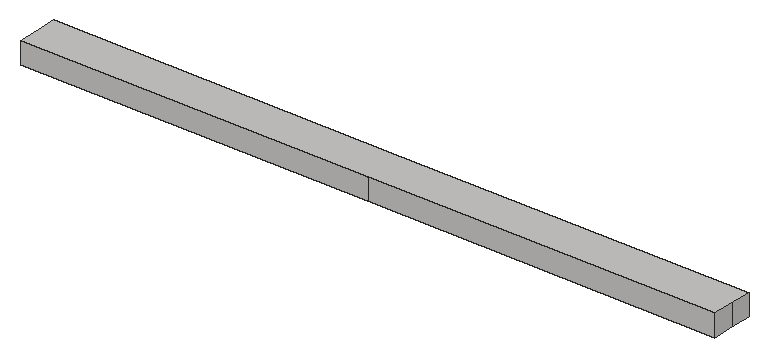
Revit family "Lighting_Wall-Mounted_Zero_Grid_Wall", category Lighting Fixtures, host Face, Revit 2020
Family settings
  Host = Face
  Round Connector Dimension = Use Diameter
  Part Type = Normal
  OmniClass Number = 23.80.70.00
  OmniClass Title = Lighting
  Cut with Voids When Loaded = No
  Light Source = Yes
  Shared = No
  Room Calculation Point = No
Parameters (values of type "Grid wall Expanded LED 1297LM/19W")
  Youtube clip = ""
  Weight Net (Kg) = "4.7"
  Wattage = 8.73154 W
  WarrantyStartDate [instance] = "n/a"
  WarrantyGuarantorParts = "n/a"
  WarrantyGuarantorLabor = "n/a"
  WarrantyDurationUnit = "Year"
  WarrantyDurationParts = "n/a"
  WarrantyDurationLabor = "n/a"
  WarrantyDescription = "n/a"
  built-in parameter 1150110 = 1 (stored number, unit not read)
  VersionDate = "31/08/2023"  # constant formula
  Version = "3"  # constant formula
  UsageCurrent = 0 A
  Uniformat II Description = ""
  Uniformat II Code = ""
  Uniclass2015Reference = "Pr_70_70_48_85"
  Uniclass2015Description = "Surface luminaires"
  Uniclass2 = "Pr_70_70_49"
  Uniclass 2015 Name = ""
  Uniclass 2015 Code = ""
  Uniclass 2.0 Description = ""
  Uniclass 2.0 Code = ""
  Uniclass 1.4 Description = ""
  Uniclass 1.4 Code = ""
  URL = "https://www.zerolighting.com/grid-inomva"
  UNSPSC Code = ""
  TotalWattage = 19 W
  built-in parameter 1114217 = 1 (stored number, unit not read)
  Tilt Angle = 90.00°
  built-in parameter 1150109 = 1 (stored number, unit not read)
  built-in parameter 1150134 = (empty or 0)
  Technical description = ""
  TagNumber [instance] = "n/a"
  SustainabilityPerformance = "n/a"
  built-in parameter 1150113 = 1 (stored number, unit not read)
  Size = "1250x96x96 mm"
  Shape = "Rectangular"
  SerialNumber [instance] = "n/a"
  Revision = "5"  # constant formula
  ReplacementCost = "n/a"
  Region South America = "None"
  Region Oceania = "AU, NZ"
  Region North America = "BZ, CR, GT, HN, MX, NI, PA, SV, US"
  Region Middle East = "AE"
  Region Europe = "AD, AL, AT, AX, BA, BE, BG, BY, CH, CY, CZ, DE, DK, EE, ES, FI, FO, FR, GB, GG, GI, GR, HR, HU, IE, IM, IS, IT, JE, LI, LT, LU, LV, MC, MD, ME, MK, MT, NL, NO, PL, PT, RO, RS, RU, SE, SI, SJ, SK, SM, UA, VA"
  Region Asia = "HK, JP, SG"
  Region Antarctica = "None"
  Region Africa = "None"
  ProductInformation = "The Grid series is decorated with industry standard sheet metal with different hole formations. Three patterns, two different perforations in the standard colours clear lacquered metal and transparent gold"
  Product group = "Wall fixtures"
  Product family = "Grid"
  Product certification = ""
  Product SKU = "Grid_wall_mounted"
  Product Guid = "0fa07e7a-ee08-4aa3-a93a-63cf3db2fe68"
  Photometric Web File = "Grid8144.IES"
  PhaseReference = "n/a"
  PhaseAngle = 0.00°
  OmniClass Description = ""
  OmniClass Code = ""
  NumberOfSources = 0
  NumberOfPoles = 1
  Note = "Code varies with colour: -XX = -14 Yellow, -41 Orange, -76 Metal, -77 Gold"
  NominalVoltageCalc = 0 V
  NominalVoltage = 230 V
  NominalLength = 1250 mm
  NominalFrequencyRange = 50 Hz
  NominalCurrent = 0 A
  Nominal width = 1250 mm
  Nominal height = 96 mm
  Name = "Zero_Grid_Wall"  # constant formula
  NBSReference = "90-60-50/405"
  NBSDescription = "General purpose luminaires"
  NBS Reference Description = ""
  NBS Reference Code = ""
  ModelType = grid-ceiling-fencing : grid-ceiling-fencing
  Model = "Grid wall Expanded metal LED 1297LM/19W"
  Material secondary = ""
  Material main = "Steel"
  Masterformat 2014 Description = ""
  Masterformat 2014 Code = ""
  Manufacturer name = "ZERO"
  Manufacturer country = "Sweden"
  Manufacturer = "Zero"
  ModelReference = "n/a"
  ModelNumber = "8144-1-XX"
  Material = "Metal"
  ManufacturersSpecificInformation = "n/a"
  ManufacturerURL = "https://www.zerolighting.com/"
  ManufacturerName = "Zero"
  MaintenanceFactor = 0
  built-in parameter 1150105 = 97.804 (stored number, unit not read)
  Lumens = 1297 lm
  built-in parameter 1150115 = 1 (stored number, unit not read)
  LightFixturePlacingType = "Wall"
  LightFixtureMountingType = "Surface"
  LightFixtureMainMaterial [instance] = Metal
  built-in parameter 1150137 = (empty or 0)
  built-in parameter 1150139 = (empty or 0)
  LensMaterial = Glass
  built-in parameter 1150112 = 1 (stored number, unit not read)
  built-in parameter 1150114 = 1 (stored number, unit not read)
  InsulationStandardClass = "n/a"
  InstallationDate [instance] = "n/a"
  Installation instructions = ""
  built-in parameter 1150132 = 2
  built-in parameter 1150102 = (empty or 0)
  built-in parameter 1150107 = 3000 (stored number, unit not read)
  built-in parameter 1150138 = (empty or 0)
  built-in parameter 1150106 = 0.97804 (stored number, unit not read)
  IfcExportType = "NOTDEFINED"  # constant formula
  IfcExportAs = "IfcLightFixtureType"  # constant formula
  IP_Code = "IP20"
  IFC Classification = ""
  HasProtectiveEarth = yes
  Grade = "n/a"
  GTIN code = ""
  Finish = "Raw finish, welding visible through transparent varnish"
  Features = "Terminal block 3x4mm2"
  ExpectedLife = "n/a"
  Emit from Rectangle Width = 96 mm
  Emit from Rectangle Length = NominalLength  # 1250 mm
  Emit Shape Visible in Rendering = no
  ElectricalDeviceNominalPower = 0
  built-in parameter 1150104 = 13.8 (stored number, unit not read)
  Edition number = 1
  EANNumber = "n/a"
  DurationUnit = "Year"
  Dimming Lamp Color Temperature Shift = <None>
  Dimming = "None"
  Designer = "Front Design 2012"
  Design country = "Sweden"
  Description = "The Grid series is decorated with industry standard sheet metal with different hole formations. Three patterns, two different perforations in the standard colours clear lacquered metal and transparent gold"
  Default Elevation = 0 mm
  Date of publishing = ""
  Constituents = "n/a"
  Color Filter = 16777215
  Color = "-XX = -14 Yellow, -41 Orange, -76 Metal, -77 Gold"
  Collection = "Grid"
  CodePerformance = "n/a"
  Category = "Wall"
  COBIe Type Category = ""
  Brand url = "http://www.zero.se"
  Brand = "Zero"
  Barcode [instance] = "n/a"
  built-in parameter 1114218 = 1 (stored number, unit not read)
  BIMObjectName = "Lighting_Wall-Mounted_Zero_Grid_Wall"  # constant formula
  Author = "BIMstone"  # constant formula
  built-in parameter 1150133 = 10 (stored number, unit not read)
  AssetType = "Fixed"
  AssetIdentifier [instance] = "n/a"
  ArticleNumber = "8144-1-XX"
  AccessibilityPerformance = "n/a"
Reference planes
  plane 1 "Center (Front/Back)": y = 0
  plane 2: z = 0
  plane 3 "Center (Left/Right)": x = 0
  plane 4: y = 48
  plane 5: y = -48
  plane 6: x = -625
  plane 7: x = 625
  plane 8: z = 96
Forms (mm)
  Extrusion 1, solid, material "Metal" <- "LightFixtureMainMaterial", detail levels coarse
    sketch origin (0, 0, 0) x (0, 1, 0) y (0, 0, 1)
      loop
        line (48, 96) -> (-48, 96) -> (-48, 0) -> (48, 0) -> (48, 96)
    from -625 to 625
  Extrusion 2, solid, material "Metal" <- "LightFixtureMainMaterial", detail levels coarse
    sketch origin (0, 0, 0) x (0, 1, 0) y (0, 0, 1)
      loop
        line (48, 96) -> (-48, 96) -> (-48, 0) -> (48, 0) -> (48, 96)
    from -625 to 625
Lines and regions (mm)
  symbolic lines, detail levels coarse
    curve 1: line (0, 48, 96) -> (0, -48, 96)
    curve 2: line (0, 48, 0) -> (0, 48, 96)
    curve 3: line (0, -48, 0) -> (0, 48, 0)
    curve 4: line (0, -48, 96) -> (0, -48, 0)
    curve 5: line (-625, 0, 96) -> (625, 0, 96)
    curve 6: line (-625, 0, 0) -> (-625, 0, 96)
    curve 7: line (625, 0, 0) -> (-625, 0, 0)
    curve 8: line (625, 0, 96) -> (625, 0, 0)
    curve 9: line (-625, 48, 0) -> (625, 48, 0)
    curve 10: line (-625, -48, 0) -> (-625, 48, 0)
    curve 11: line (625, -48, 0) -> (-625, -48, 0)
    curve 12: line (625, 48, 0) -> (625, -48, 0)
Dimensions and locks
  equal spacing: plane 4, plane 1 "Center (Front/Back)", plane 5
  plane 4 to plane 5 = 96 mm
  equal spacing: plane 6, plane 3 "Center (Left/Right)", plane 7
  "NominalLength": plane 6 to plane 7
  plane 8 to host face = 96 mm
  aligned and locked: plane 2 to host face
  aligned and locked: level to host face
  aligned and locked: plane 8 to Extrusion 1 sketch curve
  aligned and locked: Extrusion 1 sketch curve to level
  aligned and locked: Extrusion 1 to plane 6
  aligned and locked: plane 7 to Extrusion 1
  aligned and locked: plane 4 to Extrusion 1
  aligned and locked: Extrusion 1 to plane 5
  aligned and locked: Extrusion 1 to host face
  aligned and locked: curve 1 to Extrusion 1
  aligned and locked: curve 2 to Extrusion 1
  aligned and locked: curve 3 to Extrusion 1
  aligned and locked: curve 4 to Extrusion 1
  aligned and locked: curve 5 to Extrusion 1
  aligned and locked: curve 6 to Extrusion 1
  aligned and locked: curve 7 to Extrusion 1
  aligned and locked: curve 8 to Extrusion 1
  aligned and locked: curve 9 to Extrusion 1
  aligned and locked: curve 10 to Extrusion 1
  aligned and locked: curve 11 to Extrusion 1
  aligned and locked: curve 12 to Extrusion 1
  aligned and locked: Extrusion 2 sketch curve to Extrusion 1  (x4)
  aligned and locked: Extrusion 2 to plane 6
  aligned and locked: plane 7 to Extrusion 2
Automatic sketch dimensions
  host sketch curve to host sketch curve = 2438.4 mm  (x2)
  plane 5 to Extrusion 1 sketch curve = 0 mm
  Extrusion 1 sketch curve to plane 4 = 0 mm
Nested families
  nested 1: "grid-ceiling-fencing" at (0, 0.253, 0), Material1 <- "LightFixtureMainMaterial", Material2 <- "LightFixtureMainMaterial", type <- "ModelType", type "grid-ceiling-fencing"
    with Material2 Metal, Material1 Metal
Connectors
  electrical at (0, 0, 0), driven by "NominalVoltage"
    settings: on Extrusion 1, index 1, voltage 230 V, apparent load 0 VA, apparent load phase1 0 VA, apparent load phase2 0 VA, apparent load phase3 0 VA, power factor 1, load classification "Other", number of poles 1, system type 31, power factor state 1, is connector primary yes, connector utility no, sub classification motor no, connector description ""
Definition of nested family "grid-ceiling-fencing"
  Parameters (values of type "grid-ceiling-fencing")
    Material2 [instance] = none
    Material1 [instance] = none
    Default Elevation = 0 mm
  Reference planes
    plane 1 "Center (Front/Back)": y = 0
    plane 2: z = 0
    plane 3 "Center (Left/Right)": x = 0
  Forms (mm)
    Extrusion 1, solid, material <- "Material2", detail levels medium+fine
      sketch origin (0, 0, -63.465) x (1, 0, 0) y (0, 1, 0)
        loop
          line (-557.205, 33.529) -> (-557.205, 0) -> (-557.205, -33.529) -> (0, -33.529) -> (557.205, -33.529) -> (557.205, 0) -> (557.205, 33.529) -> (0, 33.529) -> (-557.205, 33.529)
      from 63.465 to 98.5
  Lines and regions (mm)
    model lines, detail levels medium+fine
      curve 1: line (625, 47.747, 0) -> (-625.035, 47.747, 0)
      curve 2: line (-625.035, 46.899, 0) -> (-625.035, 47.747, 0)
      curve 3: line (-625.035, -48.253, 0) -> (625, -48.253, 0)
      curve 4: line (625, -48.253, 0) -> (625, 47.747, 0)
      curve 5: line (-624.479, 47.747, 0) -> (-576.461, -48.253, 0)
      curve 6: line (-625.035, 24.867, 0) -> (-588.461, -48.253, 0)
      curve 7: line (-625.035, 0.876, 0) -> (-600.461, -48.253, 0)
      curve 8: line (-625.035, -23.115, 0) -> (-612.461, -48.253, 0)
      curve 9: line (-612.479, 47.747, 0) -> (-564.461, -48.253, 0)
      curve 10: line (-600.479, 47.747, 0) -> (-552.461, -48.253, 0)
      curve 11: line (-588.479, 47.747, 0) -> (-540.461, -48.253, 0)
      curve 12: line (-576.479, 47.747, 0) -> (-528.461, -48.253, 0)
      curve 13: line (-564.479, 47.747, 0) -> (-516.461, -48.253, 0)
      curve 14: line (-552.479, 47.747, 0) -> (-504.461, -48.253, 0)
      curve 15: line (-540.479, 47.747, 0) -> (-492.461, -48.253, 0)
      curve 16: line (-528.479, 47.747, 0) -> (-480.461, -48.253, 0)
      curve 17: line (-516.479, 47.747, 0) -> (-468.461, -48.253, 0)
      curve 18: line (-504.479, 47.747, 0) -> (-456.461, -48.253, 0)
      curve 19: line (-492.479, 47.747, 0) -> (-444.461, -48.253, 0)
      curve 20: line (-480.479, 47.747, 0) -> (-432.461, -48.253, 0)
      curve 21: line (-468.479, 47.747, 0) -> (-420.461, -48.253, 0)
      curve 22: line (-456.479, 47.747, 0) -> (-408.461, -48.253, 0)
      curve 23: line (-444.479, 47.747, 0) -> (-396.461, -48.253, 0)
      curve 24: line (-432.479, 47.747, 0) -> (-384.461, -48.253, 0)
      curve 25: line (-420.479, 47.747, 0) -> (-372.461, -48.253, 0)
      curve 26: line (-408.479, 47.747, 0) -> (-360.461, -48.253, 0)
      curve 27: line (-396.479, 47.747, 0) -> (-348.461, -48.253, 0)
      curve 28: line (-384.479, 47.747, 0) -> (-336.461, -48.253, 0)
      curve 29: line (-372.479, 47.747, 0) -> (-324.461, -48.253, 0)
      curve 30: line (-360.479, 47.747, 0) -> (-312.461, -48.253, 0)
      curve 31: line (-348.479, 47.747, 0) -> (-300.461, -48.253, 0)
      curve 32: line (-336.479, 47.747, 0) -> (-288.461, -48.253, 0)
      curve 33: line (-324.479, 47.747, 0) -> (-276.461, -48.253, 0)
      curve 34: line (-312.479, 47.747, 0) -> (-264.461, -48.253, 0)
      curve 35: line (-300.479, 47.747, 0) -> (-252.461, -48.253, 0)
      curve 36: line (-288.479, 47.747, 0) -> (-240.461, -48.253, 0)
      curve 37: line (-276.479, 47.747, 0) -> (-228.461, -48.253, 0)
      curve 38: line (-264.479, 47.747, 0) -> (-216.461, -48.253, 0)
      curve 39: line (-252.479, 47.747, 0) -> (-204.461, -48.253, 0)
      curve 40: line (-240.479, 47.747, 0) -> (-192.461, -48.253, 0)
      curve 41: line (-228.479, 47.747, 0) -> (-180.461, -48.253, 0)
      curve 42: line (-216.479, 47.747, 0) -> (-168.461, -48.253, 0)
      curve 43: line (-204.479, 47.747, 0) -> (-156.461, -48.253, 0)
      curve 44: line (-192.479, 47.747, 0) -> (-144.461, -48.253, 0)
      curve 45: line (-180.479, 47.747, 0) -> (-132.461, -48.253, 0)
      curve 46: line (-168.479, 47.747, 0) -> (-120.461, -48.253, 0)
      curve 47: line (-156.479, 47.747, 0) -> (-108.461, -48.253, 0)
      curve 48: line (-144.479, 47.747, 0) -> (-96.461, -48.253, 0)
      curve 49: line (-132.479, 47.747, 0) -> (-84.461, -48.253, 0)
      curve 50: line (-120.479, 47.747, 0) -> (-72.461, -48.253, 0)
      curve 51: line (-108.479, 47.747, 0) -> (-60.461, -48.253, 0)
      curve 52: line (-96.479, 47.747, 0) -> (-48.461, -48.253, 0)
      curve 53: line (-84.479, 47.747, 0) -> (-36.461, -48.253, 0)
      curve 54: line (-72.479, 47.747, 0) -> (-24.461, -48.253, 0)
      curve 55: line (-60.479, 47.747, 0) -> (-12.461, -48.253, 0)
      curve 56: line (-48.479, 47.747, 0) -> (-0.461, -48.253, 0)
      curve 57: line (-36.479, 47.747, 0) -> (11.539, -48.253, 0)
      curve 58: line (-24.479, 47.747, 0) -> (23.539, -48.253, 0)
      curve 59: line (-12.479, 47.747, 0) -> (35.539, -48.253, 0)
      curve 60: line (-0.479, 47.747, 0) -> (47.539, -48.253, 0)
      curve 61: line (11.521, 47.747, 0) -> (59.539, -48.253, 0)
      curve 62: line (23.521, 47.747, 0) -> (71.539, -48.253, 0)
      curve 63: line (35.521, 47.747, 0) -> (83.539, -48.253, 0)
      curve 64: line (47.521, 47.747, 0) -> (95.539, -48.253, 0)
      curve 65: line (59.521, 47.747, 0) -> (107.539, -48.253, 0)
      curve 66: line (71.521, 47.747, 0) -> (119.539, -48.253, 0)
      curve 67: line (83.521, 47.747, 0) -> (131.539, -48.253, 0)
      curve 68: line (95.521, 47.747, 0) -> (143.539, -48.253, 0)
      curve 69: line (107.521, 47.747, 0) -> (155.539, -48.253, 0)
      curve 70: line (119.521, 47.747, 0) -> (167.539, -48.253, 0)
      curve 71: line (131.521, 47.747, 0) -> (179.539, -48.253, 0)
      curve 72: line (143.521, 47.747, 0) -> (191.539, -48.253, 0)
      curve 73: line (155.521, 47.747, 0) -> (203.539, -48.253, 0)
      curve 74: line (167.521, 47.747, 0) -> (215.539, -48.253, 0)
      curve 75: line (179.521, 47.747, 0) -> (227.539, -48.253, 0)
      curve 76: line (191.521, 47.747, 0) -> (239.539, -48.253, 0)
      curve 77: line (203.521, 47.747, 0) -> (251.539, -48.253, 0)
      curve 78: line (215.521, 47.747, 0) -> (263.539, -48.253, 0)
      curve 79: line (227.521, 47.747, 0) -> (275.539, -48.253, 0)
      curve 80: line (239.521, 47.747, 0) -> (287.539, -48.253, 0)
      curve 81: line (251.521, 47.747, 0) -> (299.539, -48.253, 0)
      curve 82: line (263.521, 47.747, 0) -> (311.539, -48.253, 0)
      curve 83: line (275.521, 47.747, 0) -> (323.539, -48.253, 0)
      curve 84: line (287.521, 47.747, 0) -> (335.539, -48.253, 0)
      curve 85: line (299.521, 47.747, 0) -> (347.539, -48.253, 0)
      curve 86: line (311.521, 47.747, 0) -> (359.539, -48.253, 0)
      curve 87: line (323.521, 47.747, 0) -> (371.539, -48.253, 0)
      curve 88: line (335.521, 47.747, 0) -> (383.539, -48.253, 0)
      curve 89: line (347.521, 47.747, 0) -> (395.539, -48.253, 0)
      curve 90: line (359.521, 47.747, 0) -> (407.539, -48.253, 0)
      curve 91: line (371.521, 47.747, 0) -> (419.539, -48.253, 0)
      curve 92: line (383.521, 47.747, 0) -> (431.539, -48.253, 0)
      curve 93: line (395.521, 47.747, 0) -> (443.539, -48.253, 0)
      curve 94: line (407.521, 47.747, 0) -> (455.539, -48.253, 0)
      curve 95: line (419.521, 47.747, 0) -> (467.539, -48.253, 0)
      curve 96: line (431.521, 47.747, 0) -> (479.539, -48.253, 0)
      curve 97: line (443.521, 47.747, 0) -> (491.539, -48.253, 0)
      curve 98: line (455.521, 47.747, 0) -> (503.539, -48.253, 0)
      curve 99: line (467.521, 47.747, 0) -> (515.539, -48.253, 0)
      curve 100: line (479.521, 47.747, 0) -> (527.539, -48.253, 0)
      curve 101: line (491.521, 47.747, 0) -> (539.539, -48.253, 0)
      curve 102: line (503.521, 47.747, 0) -> (551.539, -48.253, 0)
      curve 103: line (515.521, 47.747, 0) -> (563.539, -48.253, 0)
      curve 104: line (527.521, 47.747, 0) -> (575.539, -48.253, 0)
      curve 105: line (539.521, 47.747, 0) -> (587.539, -48.253, 0)
      curve 106: line (551.521, 47.747, 0) -> (599.539, -48.253, 0)
      curve 107: line (563.521, 47.747, 0) -> (611.539, -48.253, 0)
      curve 108: line (575.521, 47.747, 0) -> (623.539, -48.253, 0)
      curve 109: line (587.521, 47.747, 0) -> (625, -27.183, 0)
      curve 110: line (599.521, 47.747, 0) -> (625, -3.192, 0)
      curve 111: line (611.521, 47.747, 0) -> (625, 20.799, 0)
      curve 112: line (623.521, 47.747, 0) -> (625, 44.79, 0)
      curve 113: line (-625.035, 47.747, 0) -> (625, 47.747, 0)
      curve 114: line (625, -48.253, 0) -> (-625.035, -48.253, 0)
      curve 115: line (624.479, 47.747, 0) -> (576.461, -48.253, 0)
      curve 116: line (625, 24.797, 0) -> (588.461, -48.253, 0)
      curve 117: line (625, 0.806, 0) -> (600.461, -48.253, 0)
      curve 118: line (625, -23.185, 0) -> (612.461, -48.253, 0)
      curve 119: line (612.479, 47.747, 0) -> (564.461, -48.253, 0)
      curve 120: line (600.479, 47.747, 0) -> (552.461, -48.253, 0)
      curve 121: line (588.479, 47.747, 0) -> (540.461, -48.253, 0)
      curve 122: line (576.479, 47.747, 0) -> (528.461, -48.253, 0)
      curve 123: line (564.479, 47.747, 0) -> (516.461, -48.253, 0)
      curve 124: line (552.479, 47.747, 0) -> (504.461, -48.253, 0)
      curve 125: line (540.479, 47.747, 0) -> (492.461, -48.253, 0)
      curve 126: line (528.479, 47.747, 0) -> (480.461, -48.253, 0)
      curve 127: line (516.479, 47.747, 0) -> (468.461, -48.253, 0)
      curve 128: line (504.479, 47.747, 0) -> (456.461, -48.253, 0)
      curve 129: line (492.479, 47.747, 0) -> (444.461, -48.253, 0)
      curve 130: line (480.479, 47.747, 0) -> (432.461, -48.253, 0)
      curve 131: line (468.479, 47.747, 0) -> (420.461, -48.253, 0)
      curve 132: line (456.479, 47.747, 0) -> (408.461, -48.253, 0)
      curve 133: line (444.479, 47.747, 0) -> (396.461, -48.253, 0)
      curve 134: line (432.479, 47.747, 0) -> (384.461, -48.253, 0)
      curve 135: line (420.479, 47.747, 0) -> (372.461, -48.253, 0)
      curve 136: line (408.479, 47.747, 0) -> (360.461, -48.253, 0)
      curve 137: line (396.479, 47.747, 0) -> (348.461, -48.253, 0)
      curve 138: line (384.479, 47.747, 0) -> (336.461, -48.253, 0)
      curve 139: line (372.479, 47.747, 0) -> (324.461, -48.253, 0)
      curve 140: line (360.479, 47.747, 0) -> (312.461, -48.253, 0)
      curve 141: line (348.479, 47.747, 0) -> (300.461, -48.253, 0)
      curve 142: line (336.479, 47.747, 0) -> (288.461, -48.253, 0)
      curve 143: line (324.479, 47.747, 0) -> (276.461, -48.253, 0)
      curve 144: line (312.479, 47.747, 0) -> (264.461, -48.253, 0)
      curve 145: line (300.479, 47.747, 0) -> (252.461, -48.253, 0)
      curve 146: line (288.479, 47.747, 0) -> (240.461, -48.253, 0)
      curve 147: line (276.479, 47.747, 0) -> (228.461, -48.253, 0)
      curve 148: line (264.479, 47.747, 0) -> (216.461, -48.253, 0)
      curve 149: line (252.479, 47.747, 0) -> (204.461, -48.253, 0)
      curve 150: line (240.479, 47.747, 0) -> (192.461, -48.253, 0)
      curve 151: line (228.479, 47.747, 0) -> (180.461, -48.253, 0)
      curve 152: line (216.479, 47.747, 0) -> (168.461, -48.253, 0)
      curve 153: line (204.479, 47.747, 0) -> (156.461, -48.253, 0)
      curve 154: line (192.479, 47.747, 0) -> (144.461, -48.253, 0)
      curve 155: line (180.479, 47.747, 0) -> (132.461, -48.253, 0)
      curve 156: line (168.479, 47.747, 0) -> (120.461, -48.253, 0)
      curve 157: line (156.479, 47.747, 0) -> (108.461, -48.253, 0)
      curve 158: line (144.479, 47.747, 0) -> (96.461, -48.253, 0)
      curve 159: line (132.479, 47.747, 0) -> (84.461, -48.253, 0)
      curve 160: line (120.479, 47.747, 0) -> (72.461, -48.253, 0)
      curve 161: line (108.479, 47.747, 0) -> (60.461, -48.253, 0)
      curve 162: line (96.479, 47.747, 0) -> (48.461, -48.253, 0)
      curve 163: line (84.479, 47.747, 0) -> (36.461, -48.253, 0)
      curve 164: line (72.479, 47.747, 0) -> (24.461, -48.253, 0)
      curve 165: line (60.479, 47.747, 0) -> (12.461, -48.253, 0)
      curve 166: line (48.479, 47.747, 0) -> (0.461, -48.253, 0)
      curve 167: line (36.479, 47.747, 0) -> (-11.539, -48.253, 0)
      curve 168: line (24.479, 47.747, 0) -> (-23.539, -48.253, 0)
      curve 169: line (12.479, 47.747, 0) -> (-35.539, -48.253, 0)
      curve 170: line (0.479, 47.747, 0) -> (-47.539, -48.253, 0)
      curve 171: line (-11.521, 47.747, 0) -> (-59.539, -48.253, 0)
      curve 172: line (-23.521, 47.747, 0) -> (-71.539, -48.253, 0)
      curve 173: line (-35.521, 47.747, 0) -> (-83.539, -48.253, 0)
      curve 174: line (-47.521, 47.747, 0) -> (-95.539, -48.253, 0)
      curve 175: line (-59.521, 47.747, 0) -> (-107.539, -48.253, 0)
      curve 176: line (-71.521, 47.747, 0) -> (-119.539, -48.253, 0)
      curve 177: line (-83.521, 47.747, 0) -> (-131.539, -48.253, 0)
      curve 178: line (-95.521, 47.747, 0) -> (-143.539, -48.253, 0)
      curve 179: line (-107.521, 47.747, 0) -> (-155.539, -48.253, 0)
      curve 180: line (-119.521, 47.747, 0) -> (-167.539, -48.253, 0)
      curve 181: line (-131.521, 47.747, 0) -> (-179.539, -48.253, 0)
      curve 182: line (-143.521, 47.747, 0) -> (-191.539, -48.253, 0)
      curve 183: line (-155.521, 47.747, 0) -> (-203.539, -48.253, 0)
      curve 184: line (-167.521, 47.747, 0) -> (-215.539, -48.253, 0)
      curve 185: line (-179.521, 47.747, 0) -> (-227.539, -48.253, 0)
      curve 186: line (-191.521, 47.747, 0) -> (-239.539, -48.253, 0)
      curve 187: line (-203.521, 47.747, 0) -> (-251.539, -48.253, 0)
      curve 188: line (-215.521, 47.747, 0) -> (-263.539, -48.253, 0)
      curve 189: line (-227.521, 47.747, 0) -> (-275.539, -48.253, 0)
      curve 190: line (-239.521, 47.747, 0) -> (-287.539, -48.253, 0)
      curve 191: line (-251.521, 47.747, 0) -> (-299.539, -48.253, 0)
      curve 192: line (-263.521, 47.747, 0) -> (-311.539, -48.253, 0)
      curve 193: line (-275.521, 47.747, 0) -> (-323.539, -48.253, 0)
      curve 194: line (-287.521, 47.747, 0) -> (-335.539, -48.253, 0)
      curve 195: line (-299.521, 47.747, 0) -> (-347.539, -48.253, 0)
      curve 196: line (-311.521, 47.747, 0) -> (-359.539, -48.253, 0)
      curve 197: line (-323.521, 47.747, 0) -> (-371.539, -48.253, 0)
      curve 198: line (-335.521, 47.747, 0) -> (-383.539, -48.253, 0)
      curve 199: line (-347.521, 47.747, 0) -> (-395.539, -48.253, 0)
      curve 200: line (-359.521, 47.747, 0) -> (-407.539, -48.253, 0)
      curve 201: line (-371.521, 47.747, 0) -> (-419.539, -48.253, 0)
      curve 202: line (-383.521, 47.747, 0) -> (-431.539, -48.253, 0)
      curve 203: line (-395.521, 47.747, 0) -> (-443.539, -48.253, 0)
      curve 204: line (-407.521, 47.747, 0) -> (-455.539, -48.253, 0)
      curve 205: line (-419.521, 47.747, 0) -> (-467.539, -48.253, 0)
      curve 206: line (-431.521, 47.747, 0) -> (-479.539, -48.253, 0)
      curve 207: line (-443.521, 47.747, 0) -> (-491.539, -48.253, 0)
      curve 208: line (-455.521, 47.747, 0) -> (-503.539, -48.253, 0)
      curve 209: line (-467.521, 47.747, 0) -> (-515.539, -48.253, 0)
      curve 210: line (-479.521, 47.747, 0) -> (-527.539, -48.253, 0)
      curve 211: line (-491.521, 47.747, 0) -> (-539.539, -48.253, 0)
      curve 212: line (-503.521, 47.747, 0) -> (-551.539, -48.253, 0)
      curve 213: line (-515.521, 47.747, 0) -> (-563.539, -48.253, 0)
      curve 214: line (-527.521, 47.747, 0) -> (-575.539, -48.253, 0)
      curve 215: line (-539.521, 47.747, 0) -> (-587.539, -48.253, 0)
      curve 216: line (-551.521, 47.747, 0) -> (-599.539, -48.253, 0)
      curve 217: line (-563.521, 47.747, 0) -> (-611.539, -48.253, 0)
      curve 218: line (-575.521, 47.747, 0) -> (-623.539, -48.253, 0)
      curve 219: line (-587.521, 47.747, 0) -> (-625.035, -27.253, 0)
      curve 220: line (-599.521, 47.747, 0) -> (-625.035, -3.262, 0)
      curve 221: line (-611.521, 47.747, 0) -> (-625.035, 20.729, 0)
      curve 222: line (-623.521, 47.747, 0) -> (-625.035, 44.72, 0)
      curve 223: line (625, 47.747, 0) -> (-625.035, 47.747, 0)
      curve 224: line (-625.035, -48.253, 0) -> (625, -48.253, 0)
      curve 225: line (-624.473, 47.747, 0) -> (-576.455, -48.253, 0)
      curve 226: line (-625.035, 24.879, 0) -> (-588.455, -48.253, 0)
      curve 227: line (-625.035, 0.889, 0) -> (-600.455, -48.253, 0)
      curve 228: line (-625.035, -23.102, 0) -> (-612.455, -48.253, 0)
      curve 229: line (-612.473, 47.747, 0) -> (-564.455, -48.253, 0)
      curve 230: line (-600.473, 47.747, 0) -> (-552.455, -48.253, 0)
      curve 231: line (-588.473, 47.747, 0) -> (-540.455, -48.253, 0)
      curve 232: line (-576.473, 47.747, 0) -> (-528.455, -48.253, 0)
      curve 233: line (-564.473, 47.747, 0) -> (-516.455, -48.253, 0)
      curve 234: line (-552.473, 47.747, 0) -> (-504.455, -48.253, 0)
      curve 235: line (-540.473, 47.747, 0) -> (-492.455, -48.253, 0)
      curve 236: line (-528.473, 47.747, 0) -> (-480.455, -48.253, 0)
      curve 237: line (-516.473, 47.747, 0) -> (-468.455, -48.253, 0)
      curve 238: line (-504.473, 47.747, 0) -> (-456.455, -48.253, 0)
      curve 239: line (-492.473, 47.747, 0) -> (-444.455, -48.253, 0)
      curve 240: line (-480.473, 47.747, 0) -> (-432.455, -48.253, 0)
      curve 241: line (-468.473, 47.747, 0) -> (-420.455, -48.253, 0)
      curve 242: line (-456.473, 47.747, 0) -> (-408.455, -48.253, 0)
      curve 243: line (-444.473, 47.747, 0) -> (-396.455, -48.253, 0)
      curve 244: line (-432.473, 47.747, 0) -> (-384.455, -48.253, 0)
      curve 245: line (-420.473, 47.747, 0) -> (-372.455, -48.253, 0)
      curve 246: line (-408.473, 47.747, 0) -> (-360.455, -48.253, 0)
      curve 247: line (-396.473, 47.747, 0) -> (-348.455, -48.253, 0)
      curve 248: line (-384.473, 47.747, 0) -> (-336.455, -48.253, 0)
      curve 249: line (-372.473, 47.747, 0) -> (-324.455, -48.253, 0)
      curve 250: line (-360.473, 47.747, 0) -> (-312.455, -48.253, 0)
      curve 251: line (-348.473, 47.747, 0) -> (-300.455, -48.253, 0)
      curve 252: line (-336.473, 47.747, 0) -> (-288.455, -48.253, 0)
      curve 253: line (-324.473, 47.747, 0) -> (-276.455, -48.253, 0)
      curve 254: line (-312.473, 47.747, 0) -> (-264.455, -48.253, 0)
      curve 255: line (-300.473, 47.747, 0) -> (-252.455, -48.253, 0)
      curve 256: line (-288.473, 47.747, 0) -> (-240.455, -48.253, 0)
      curve 257: line (-276.473, 47.747, 0) -> (-228.455, -48.253, 0)
      curve 258: line (-264.473, 47.747, 0) -> (-216.455, -48.253, 0)
      curve 259: line (-252.473, 47.747, 0) -> (-204.455, -48.253, 0)
      curve 260: line (-240.473, 47.747, 0) -> (-192.455, -48.253, 0)
      curve 261: line (-228.473, 47.747, 0) -> (-180.455, -48.253, 0)
      curve 262: line (-216.473, 47.747, 0) -> (-168.455, -48.253, 0)
      curve 263: line (-204.473, 47.747, 0) -> (-156.455, -48.253, 0)
      curve 264: line (-192.473, 47.747, 0) -> (-144.455, -48.253, 0)
      curve 265: line (-180.473, 47.747, 0) -> (-132.455, -48.253, 0)
      curve 266: line (-168.473, 47.747, 0) -> (-120.455, -48.253, 0)
      curve 267: line (-156.473, 47.747, 0) -> (-108.455, -48.253, 0)
      curve 268: line (-144.473, 47.747, 0) -> (-96.455, -48.253, 0)
      curve 269: line (-132.473, 47.747, 0) -> (-84.455, -48.253, 0)
      curve 270: line (-120.473, 47.747, 0) -> (-72.455, -48.253, 0)
      curve 271: line (-108.473, 47.747, 0) -> (-60.455, -48.253, 0)
      curve 272: line (-96.473, 47.747, 0) -> (-48.455, -48.253, 0)
      curve 273: line (-84.473, 47.747, 0) -> (-36.455, -48.253, 0)
      curve 274: line (-72.473, 47.747, 0) -> (-24.455, -48.253, 0)
      curve 275: line (-60.473, 47.747, 0) -> (-12.455, -48.253, 0)
      curve 276: line (-48.473, 47.747, 0) -> (-0.455, -48.253, 0)
      curve 277: line (-36.473, 47.747, 0) -> (11.545, -48.253, 0)
      curve 278: line (-24.473, 47.747, 0) -> (23.545, -48.253, 0)
      curve 279: line (-12.473, 47.747, 0) -> (35.545, -48.253, 0)
      curve 280: line (-0.473, 47.747, 0) -> (47.545, -48.253, 0)
      curve 281: line (11.527, 47.747, 0) -> (59.545, -48.253, 0)
      curve 282: line (23.527, 47.747, 0) -> (71.545, -48.253, 0)
      curve 283: line (35.527, 47.747, 0) -> (83.545, -48.253, 0)
      curve 284: line (47.527, 47.747, 0) -> (95.545, -48.253, 0)
      curve 285: line (59.527, 47.747, 0) -> (107.545, -48.253, 0)
      curve 286: line (71.527, 47.747, 0) -> (119.545, -48.253, 0)
      curve 287: line (83.527, 47.747, 0) -> (131.545, -48.253, 0)
      curve 288: line (95.527, 47.747, 0) -> (143.545, -48.253, 0)
      curve 289: line (107.527, 47.747, 0) -> (155.545, -48.253, 0)
      curve 290: line (119.527, 47.747, 0) -> (167.545, -48.253, 0)
      curve 291: line (131.527, 47.747, 0) -> (179.545, -48.253, 0)
      curve 292: line (143.527, 47.747, 0) -> (191.545, -48.253, 0)
      curve 293: line (155.527, 47.747, 0) -> (203.545, -48.253, 0)
      curve 294: line (167.527, 47.747, 0) -> (215.545, -48.253, 0)
      curve 295: line (179.527, 47.747, 0) -> (227.545, -48.253, 0)
      curve 296: line (191.527, 47.747, 0) -> (239.545, -48.253, 0)
      curve 297: line (203.527, 47.747, 0) -> (251.545, -48.253, 0)
      curve 298: line (215.527, 47.747, 0) -> (263.545, -48.253, 0)
      curve 299: line (227.527, 47.747, 0) -> (275.545, -48.253, 0)
      curve 300: line (239.527, 47.747, 0) -> (287.545, -48.253, 0)
      curve 301: line (251.527, 47.747, 0) -> (299.545, -48.253, 0)
      curve 302: line (263.527, 47.747, 0) -> (311.545, -48.253, 0)
      curve 303: line (275.527, 47.747, 0) -> (323.545, -48.253, 0)
      curve 304: line (287.527, 47.747, 0) -> (335.545, -48.253, 0)
      curve 305: line (299.527, 47.747, 0) -> (347.545, -48.253, 0)
      curve 306: line (311.527, 47.747, 0) -> (359.545, -48.253, 0)
      curve 307: line (323.527, 47.747, 0) -> (371.545, -48.253, 0)
      curve 308: line (335.527, 47.747, 0) -> (383.545, -48.253, 0)
      curve 309: line (347.527, 47.747, 0) -> (395.545, -48.253, 0)
      curve 310: line (359.527, 47.747, 0) -> (407.545, -48.253, 0)
      curve 311: line (371.527, 47.747, 0) -> (419.545, -48.253, 0)
      curve 312: line (383.527, 47.747, 0) -> (431.545, -48.253, 0)
      curve 313: line (395.527, 47.747, 0) -> (443.545, -48.253, 0)
      curve 314: line (407.527, 47.747, 0) -> (455.545, -48.253, 0)
      curve 315: line (419.527, 47.747, 0) -> (467.545, -48.253, 0)
      curve 316: line (431.527, 47.747, 0) -> (479.545, -48.253, 0)
      curve 317: line (443.527, 47.747, 0) -> (491.545, -48.253, 0)
      curve 318: line (455.527, 47.747, 0) -> (503.545, -48.253, 0)
      curve 319: line (467.527, 47.747, 0) -> (515.545, -48.253, 0)
      curve 320: line (479.527, 47.747, 0) -> (527.545, -48.253, 0)
      curve 321: line (491.527, 47.747, 0) -> (539.545, -48.253, 0)
      curve 322: line (503.527, 47.747, 0) -> (551.545, -48.253, 0)
      curve 323: line (515.527, 47.747, 0) -> (563.545, -48.253, 0)
      curve 324: line (527.527, 47.747, 0) -> (575.545, -48.253, 0)
      curve 325: line (539.527, 47.747, 0) -> (587.545, -48.253, 0)
      curve 326: line (551.527, 47.747, 0) -> (599.545, -48.253, 0)
      curve 327: line (563.527, 47.747, 0) -> (611.545, -48.253, 0)
      curve 328: line (575.527, 47.747, 0) -> (623.545, -48.253, 0)
      curve 329: line (587.527, 47.747, 0) -> (625, -27.17, 0)
      curve 330: line (599.527, 47.747, 0) -> (625, -3.18, 0)
      curve 331: line (611.527, 47.747, 0) -> (625, 20.811, 0)
      curve 332: line (-625.035, 47.747, 0) -> (625, 47.747, 0)
      curve 333: line (625, -48.253, 0) -> (-625.035, -48.253, 0)
      curve 334: line (624.486, 47.747, 0) -> (576.468, -48.253, 0)
      curve 335: line (625, 24.785, 0) -> (588.468, -48.253, 0)
      curve 336: line (625, 0.794, 0) -> (600.468, -48.253, 0)
      curve 337: line (625, -23.197, 0) -> (612.468, -48.253, 0)
      curve 338: line (612.486, 47.747, 0) -> (564.468, -48.253, 0)
      curve 339: line (600.486, 47.747, 0) -> (552.468, -48.253, 0)
      curve 340: line (588.486, 47.747, 0) -> (540.468, -48.253, 0)
      curve 341: line (576.486, 47.747, 0) -> (528.468, -48.253, 0)
      curve 342: line (564.486, 47.747, 0) -> (516.468, -48.253, 0)
      curve 343: line (552.486, 47.747, 0) -> (504.468, -48.253, 0)
      curve 344: line (540.486, 47.747, 0) -> (492.468, -48.253, 0)
      curve 345: line (528.486, 47.747, 0) -> (480.468, -48.253, 0)
      curve 346: line (516.486, 47.747, 0) -> (468.468, -48.253, 0)
      curve 347: line (504.486, 47.747, 0) -> (456.468, -48.253, 0)
      curve 348: line (492.486, 47.747, 0) -> (444.468, -48.253, 0)
      curve 349: line (480.486, 47.747, 0) -> (432.468, -48.253, 0)
      curve 350: line (468.486, 47.747, 0) -> (420.468, -48.253, 0)
      curve 351: line (456.486, 47.747, 0) -> (408.468, -48.253, 0)
      curve 352: line (444.486, 47.747, 0) -> (396.468, -48.253, 0)
      curve 353: line (432.486, 47.747, 0) -> (384.468, -48.253, 0)
      curve 354: line (420.486, 47.747, 0) -> (372.468, -48.253, 0)
      curve 355: line (408.486, 47.747, 0) -> (360.468, -48.253, 0)
      curve 356: line (396.486, 47.747, 0) -> (348.468, -48.253, 0)
      curve 357: line (384.486, 47.747, 0) -> (336.468, -48.253, 0)
      curve 358: line (372.486, 47.747, 0) -> (324.468, -48.253, 0)
      curve 359: line (360.486, 47.747, 0) -> (312.468, -48.253, 0)
      curve 360: line (348.486, 47.747, 0) -> (300.468, -48.253, 0)
      curve 361: line (336.486, 47.747, 0) -> (288.468, -48.253, 0)
      curve 362: line (324.486, 47.747, 0) -> (276.468, -48.253, 0)
      curve 363: line (312.486, 47.747, 0) -> (264.468, -48.253, 0)
      curve 364: line (300.486, 47.747, 0) -> (252.468, -48.253, 0)
      curve 365: line (288.486, 47.747, 0) -> (240.468, -48.253, 0)
      curve 366: line (276.486, 47.747, 0) -> (228.468, -48.253, 0)
      curve 367: line (264.486, 47.747, 0) -> (216.468, -48.253, 0)
      curve 368: line (252.486, 47.747, 0) -> (204.468, -48.253, 0)
      curve 369: line (240.486, 47.747, 0) -> (192.468, -48.253, 0)
      curve 370: line (228.486, 47.747, 0) -> (180.468, -48.253, 0)
      curve 371: line (216.486, 47.747, 0) -> (168.468, -48.253, 0)
      curve 372: line (204.486, 47.747, 0) -> (156.468, -48.253, 0)
      curve 373: line (192.486, 47.747, 0) -> (144.468, -48.253, 0)
      curve 374: line (180.486, 47.747, 0) -> (132.468, -48.253, 0)
      curve 375: line (168.486, 47.747, 0) -> (120.468, -48.253, 0)
      curve 376: line (156.486, 47.747, 0) -> (108.468, -48.253, 0)
      curve 377: line (144.486, 47.747, 0) -> (96.468, -48.253, 0)
      curve 378: line (132.486, 47.747, 0) -> (84.468, -48.253, 0)
      curve 379: line (120.486, 47.747, 0) -> (72.468, -48.253, 0)
      curve 380: line (108.486, 47.747, 0) -> (60.468, -48.253, 0)
      curve 381: line (96.486, 47.747, 0) -> (48.468, -48.253, 0)
      curve 382: line (84.486, 47.747, 0) -> (36.468, -48.253, 0)
      curve 383: line (72.486, 47.747, 0) -> (24.468, -48.253, 0)
      curve 384: line (60.486, 47.747, 0) -> (12.468, -48.253, 0)
      curve 385: line (48.486, 47.747, 0) -> (0.468, -48.253, 0)
      curve 386: line (36.486, 47.747, 0) -> (-11.532, -48.253, 0)
      curve 387: line (24.486, 47.747, 0) -> (-23.532, -48.253, 0)
      curve 388: line (12.486, 47.747, 0) -> (-35.532, -48.253, 0)
      curve 389: line (0.486, 47.747, 0) -> (-47.532, -48.253, 0)
      curve 390: line (-11.514, 47.747, 0) -> (-59.532, -48.253, 0)
      curve 391: line (-23.514, 47.747, 0) -> (-71.532, -48.253, 0)
      curve 392: line (-35.514, 47.747, 0) -> (-83.532, -48.253, 0)
      curve 393: line (-47.514, 47.747, 0) -> (-95.532, -48.253, 0)
      curve 394: line (-59.514, 47.747, 0) -> (-107.532, -48.253, 0)
      curve 395: line (-71.514, 47.747, 0) -> (-119.532, -48.253, 0)
      curve 396: line (-83.514, 47.747, 0) -> (-131.532, -48.253, 0)
      curve 397: line (-95.514, 47.747, 0) -> (-143.532, -48.253, 0)
      curve 398: line (-107.514, 47.747, 0) -> (-155.532, -48.253, 0)
      curve 399: line (-119.514, 47.747, 0) -> (-167.532, -48.253, 0)
      curve 400: line (-131.514, 47.747, 0) -> (-179.532, -48.253, 0)
      curve 401: line (-143.514, 47.747, 0) -> (-191.532, -48.253, 0)
      curve 402: line (-155.514, 47.747, 0) -> (-203.532, -48.253, 0)
      curve 403: line (-167.514, 47.747, 0) -> (-215.532, -48.253, 0)
      curve 404: line (-179.514, 47.747, 0) -> (-227.532, -48.253, 0)
      curve 405: line (-191.514, 47.747, 0) -> (-239.532, -48.253, 0)
      curve 406: line (-203.514, 47.747, 0) -> (-251.532, -48.253, 0)
      curve 407: line (-215.514, 47.747, 0) -> (-263.532, -48.253, 0)
      curve 408: line (-227.514, 47.747, 0) -> (-275.532, -48.253, 0)
      curve 409: line (-239.514, 47.747, 0) -> (-287.532, -48.253, 0)
      curve 410: line (-251.514, 47.747, 0) -> (-299.532, -48.253, 0)
      curve 411: line (-263.514, 47.747, 0) -> (-311.532, -48.253, 0)
      curve 412: line (-275.514, 47.747, 0) -> (-323.532, -48.253, 0)
      curve 413: line (-287.514, 47.747, 0) -> (-335.532, -48.253, 0)
      curve 414: line (-299.514, 47.747, 0) -> (-347.532, -48.253, 0)
      curve 415: line (-311.514, 47.747, 0) -> (-359.532, -48.253, 0)
      curve 416: line (-323.514, 47.747, 0) -> (-371.532, -48.253, 0)
      curve 417: line (-335.514, 47.747, 0) -> (-383.532, -48.253, 0)
      curve 418: line (-347.514, 47.747, 0) -> (-395.532, -48.253, 0)
      curve 419: line (-359.514, 47.747, 0) -> (-407.532, -48.253, 0)
      curve 420: line (-371.514, 47.747, 0) -> (-419.532, -48.253, 0)
      curve 421: line (-383.514, 47.747, 0) -> (-431.532, -48.253, 0)
      curve 422: line (-395.514, 47.747, 0) -> (-443.532, -48.253, 0)
      curve 423: line (-407.514, 47.747, 0) -> (-455.532, -48.253, 0)
      curve 424: line (-419.514, 47.747, 0) -> (-467.532, -48.253, 0)
      curve 425: line (-431.514, 47.747, 0) -> (-479.532, -48.253, 0)
      curve 426: line (-443.514, 47.747, 0) -> (-491.532, -48.253, 0)
      curve 427: line (-455.514, 47.747, 0) -> (-503.532, -48.253, 0)
      curve 428: line (-467.514, 47.747, 0) -> (-515.532, -48.253, 0)
      curve 429: line (-479.514, 47.747, 0) -> (-527.532, -48.253, 0)
      curve 430: line (-491.514, 47.747, 0) -> (-539.532, -48.253, 0)
      curve 431: line (-503.514, 47.747, 0) -> (-551.532, -48.253, 0)
      curve 432: line (-515.514, 47.747, 0) -> (-563.532, -48.253, 0)
      curve 433: line (-527.514, 47.747, 0) -> (-575.532, -48.253, 0)
      curve 434: line (-539.514, 47.747, 0) -> (-587.532, -48.253, 0)
      curve 435: line (-551.514, 47.747, 0) -> (-599.532, -48.253, 0)
      curve 436: line (-563.514, 47.747, 0) -> (-611.532, -48.253, 0)
      curve 437: line (-575.514, 47.747, 0) -> (-623.532, -48.253, 0)
      curve 438: line (-587.514, 47.747, 0) -> (-625.035, -27.265, 0)
      curve 439: line (-599.514, 47.747, 0) -> (-625.035, -3.274, 0)
      curve 440: line (-611.514, 47.747, 0) -> (-625.035, 20.717, 0)
      curve 441: line (-623.514, 47.747, 0) -> (-625.035, 44.708, 0)
      curve 442: line (-625.035, 46.709, 97.697) -> (-625.035, -48.253, 97.697)
      curve 443: line (-625.035, -48.253, 97.697) -> (-625.035, -48.253, 0)
      curve 444: line (-625.035, 47.747, 0) -> (-625.035, 47.747, 97.697)
      curve 445: line (-625.035, -48.253, 0) -> (-625.035, 47.747, 0)
      curve 446: line (-625.035, 46.709, 97.697) -> (-625.035, -2.108, 0)
      curve 447: line (-625.035, 34.709, 97.697) -> (-625.035, -14.108, 0)
      curve 448: line (-625.035, 22.709, 97.697) -> (-625.035, -26.108, 0)
      curve 449: line (-625.035, 10.709, 97.697) -> (-625.035, -38.108, 0)
      curve 450: line (-625.035, -1.291, 97.697) -> (-625.035, -48.253, 3.713)
      curve 451: line (-625.035, -13.291, 97.697) -> (-625.035, -48.253, 27.729)
      curve 452: line (-625.035, -25.291, 97.697) -> (-625.035, -48.253, 51.745)
      curve 453: line (-625.035, -37.291, 97.697) -> (-625.035, -48.253, 75.76)
      curve 454: line (-625.035, 47.747, 75.76) -> (-625.035, 9.892, 0)
      curve 455: line (-625.035, 47.747, 51.745) -> (-625.035, 21.892, 0)
      curve 456: line (-625.035, 47.747, 27.729) -> (-625.035, 33.892, 0)
      curve 457: line (-625.035, 34.709, 97.697) -> (-625.035, 47.747, 70.964)
      curve 458: line (-625.035, 22.709, 97.697) -> (-625.035, 47.747, 46.36)
      curve 459: line (-625.035, 10.709, 97.697) -> (-625.035, 47.747, 21.756)
      curve 460: line (-625.035, -1.291, 97.697) -> (-625.035, 46.359, 0)
      curve 461: line (-625.035, -13.291, 97.697) -> (-625.035, 34.359, 0)
      curve 462: line (-625.035, -25.291, 97.697) -> (-625.035, 22.359, 0)
      curve 463: line (-625.035, -37.291, 97.697) -> (-625.035, 10.359, 0)
      curve 464: line (-625.035, -48.253, 95.567) -> (-625.035, -1.641, 0)
      curve 465: line (-625.035, -48.253, 70.964) -> (-625.035, -13.641, 0)
      curve 466: line (-625.035, -48.253, 46.36) -> (-625.035, -25.641, 0)
      curve 467: line (-625.035, -48.253, 21.756) -> (-625.035, -37.641, 0)
      curve 468: line (625, 46.709, 97.697) -> (625, -48.253, 97.697)
      curve 469: line (625, -48.253, 97.697) -> (625, -48.253, 0)
      curve 470: line (625, 47.747, 0) -> (625, 47.747, 97.697)
      curve 471: line (625, -48.253, 0) -> (625, 47.747, 0)
      curve 472: line (625, 46.709, 97.697) -> (625, -2.108, 0)
      curve 473: line (625, 34.709, 97.697) -> (625, -14.108, 0)
      curve 474: line (625, 22.709, 97.697) -> (625, -26.108, 0)
      curve 475: line (625, 10.709, 97.697) -> (625, -38.108, 0)
      curve 476: line (625, -1.291, 97.697) -> (625, -48.253, 3.713)
      curve 477: line (625, -13.291, 97.697) -> (625, -48.253, 27.729)
      curve 478: line (625, -25.291, 97.697) -> (625, -48.253, 51.745)
      curve 479: line (625, -37.291, 97.697) -> (625, -48.253, 75.76)
      curve 480: line (625, 47.747, 75.76) -> (625, 9.892, 0)
      curve 481: line (625, 47.747, 51.745) -> (625, 21.892, 0)
      curve 482: line (625, 47.747, 27.729) -> (625, 33.892, 0)
      curve 483: line (625, 34.709, 97.697) -> (625, 47.747, 70.964)
      curve 484: line (625, 22.709, 97.697) -> (625, 47.747, 46.36)
      curve 485: line (625, 10.709, 97.697) -> (625, 47.747, 21.756)
      curve 486: line (625, -1.291, 97.697) -> (625, 46.359, 0)
      curve 487: line (625, -13.291, 97.697) -> (625, 34.359, 0)
      curve 488: line (625, -25.291, 97.697) -> (625, 22.359, 0)
      curve 489: line (625, -37.291, 97.697) -> (625, 10.359, 0)
      curve 490: line (625, -48.253, 95.567) -> (625, -1.641, 0)
      curve 491: line (625, -48.253, 70.964) -> (625, -13.641, 0)
      curve 492: line (625, -48.253, 46.36) -> (625, -25.641, 0)
      curve 493: line (625, -48.253, 21.756) -> (625, -37.641, 0)
      curve 494: line (625, 47.747, 97.697) -> (-625.035, 47.747, 97.697)
      curve 495: line (-625.035, 46.709, 97.697) -> (-625.035, 47.747, 97.697)
      curve 496: line (-625.029, -48.253, 97.697) -> (625, -48.253, 97.697)
      curve 497: line (625, -48.253, 97.697) -> (625, 47.747, 97.697)
      curve 498: line (-624.994, 24.785, 97.697) -> (-588.461, -48.253, 97.697)
      curve 499: line (-624.994, 0.794, 97.697) -> (-600.461, -48.253, 97.697)
      curve 500: line (-624.994, -23.197, 97.697) -> (-612.461, -48.253, 97.697)
      curve 501: line (-612.479, 47.747, 97.697) -> (-564.461, -48.253, 97.697)
      curve 502: line (-600.479, 47.747, 97.697) -> (-552.461, -48.253, 97.697)
      curve 503: line (-588.479, 47.747, 97.697) -> (-540.461, -48.253, 97.697)
      curve 504: line (-576.479, 47.747, 97.697) -> (-528.461, -48.253, 97.697)
      curve 505: line (-564.479, 47.747, 97.697) -> (-516.461, -48.253, 97.697)
      curve 506: line (-552.479, 47.747, 97.697) -> (-504.461, -48.253, 97.697)
      curve 507: line (-540.479, 47.747, 97.697) -> (-492.461, -48.253, 97.697)
      curve 508: line (-528.479, 47.747, 97.697) -> (-480.461, -48.253, 97.697)
      curve 509: line (-516.479, 47.747, 97.697) -> (-468.461, -48.253, 97.697)
      curve 510: line (-504.479, 47.747, 97.697) -> (-456.461, -48.253, 97.697)
      curve 511: line (-492.479, 47.747, 97.697) -> (-444.461, -48.253, 97.697)
      curve 512: line (-480.479, 47.747, 97.697) -> (-432.461, -48.253, 97.697)
      curve 513: line (-468.479, 47.747, 97.697) -> (-420.461, -48.253, 97.697)
      curve 514: line (-456.479, 47.747, 97.697) -> (-408.461, -48.253, 97.697)
      curve 515: line (-444.479, 47.747, 97.697) -> (-396.461, -48.253, 97.697)
      curve 516: line (-432.479, 47.747, 97.697) -> (-384.461, -48.253, 97.697)
      curve 517: line (-420.479, 47.747, 97.697) -> (-372.461, -48.253, 97.697)
      curve 518: line (-408.479, 47.747, 97.697) -> (-360.461, -48.253, 97.697)
      curve 519: line (-396.479, 47.747, 97.697) -> (-348.461, -48.253, 97.697)
      curve 520: line (-384.479, 47.747, 97.697) -> (-336.461, -48.253, 97.697)
      curve 521: line (-372.479, 47.747, 97.697) -> (-324.461, -48.253, 97.697)
      curve 522: line (-360.479, 47.747, 97.697) -> (-312.461, -48.253, 97.697)
      curve 523: line (-348.479, 47.747, 97.697) -> (-300.461, -48.253, 97.697)
      curve 524: line (-336.479, 47.747, 97.697) -> (-288.461, -48.253, 97.697)
      curve 525: line (-324.479, 47.747, 97.697) -> (-276.461, -48.253, 97.697)
      curve 526: line (-312.479, 47.747, 97.697) -> (-264.461, -48.253, 97.697)
      curve 527: line (-300.479, 47.747, 97.697) -> (-252.461, -48.253, 97.697)
      curve 528: line (-288.479, 47.747, 97.697) -> (-240.461, -48.253, 97.697)
      curve 529: line (-276.479, 47.747, 97.697) -> (-228.461, -48.253, 97.697)
      curve 530: line (-264.479, 47.747, 97.697) -> (-216.461, -48.253, 97.697)
      curve 531: line (-252.479, 47.747, 97.697) -> (-204.461, -48.253, 97.697)
      curve 532: line (-240.479, 47.747, 97.697) -> (-192.461, -48.253, 97.697)
      curve 533: line (-228.479, 47.747, 97.697) -> (-180.461, -48.253, 97.697)
      curve 534: line (-216.479, 47.747, 97.697) -> (-168.461, -48.253, 97.697)
      curve 535: line (-204.479, 47.747, 97.697) -> (-156.461, -48.253, 97.697)
      curve 536: line (-192.479, 47.747, 97.697) -> (-144.461, -48.253, 97.697)
      curve 537: line (-180.479, 47.747, 97.697) -> (-132.461, -48.253, 97.697)
      curve 538: line (-168.479, 47.747, 97.697) -> (-120.461, -48.253, 97.697)
      curve 539: line (-156.479, 47.747, 97.697) -> (-108.461, -48.253, 97.697)
      curve 540: line (-144.479, 47.747, 97.697) -> (-96.461, -48.253, 97.697)
      curve 541: line (-132.479, 47.747, 97.697) -> (-84.461, -48.253, 97.697)
      curve 542: line (-120.479, 47.747, 97.697) -> (-72.461, -48.253, 97.697)
      curve 543: line (-108.479, 47.747, 97.697) -> (-60.461, -48.253, 97.697)
      curve 544: line (-96.479, 47.747, 97.697) -> (-48.461, -48.253, 97.697)
      curve 545: line (-84.479, 47.747, 97.697) -> (-36.461, -48.253, 97.697)
      curve 546: line (-72.479, 47.747, 97.697) -> (-24.461, -48.253, 97.697)
      curve 547: line (-60.479, 47.747, 97.697) -> (-12.461, -48.253, 97.697)
      curve 548: line (-48.479, 47.747, 97.697) -> (-0.461, -48.253, 97.697)
      curve 549: line (-36.479, 47.747, 97.697) -> (11.539, -48.253, 97.697)
      curve 550: line (-24.479, 47.747, 97.697) -> (23.539, -48.253, 97.697)
      curve 551: line (-12.479, 47.747, 97.697) -> (35.539, -48.253, 97.697)
      curve 552: line (-0.479, 47.747, 97.697) -> (47.539, -48.253, 97.697)
      curve 553: line (11.521, 47.747, 97.697) -> (59.539, -48.253, 97.697)
      curve 554: line (23.521, 47.747, 97.697) -> (71.539, -48.253, 97.697)
      curve 555: line (35.521, 47.747, 97.697) -> (83.539, -48.253, 97.697)
      curve 556: line (47.521, 47.747, 97.697) -> (95.539, -48.253, 97.697)
      curve 557: line (59.521, 47.747, 97.697) -> (107.539, -48.253, 97.697)
      curve 558: line (71.521, 47.747, 97.697) -> (119.539, -48.253, 97.697)
      curve 559: line (83.521, 47.747, 97.697) -> (131.539, -48.253, 97.697)
      curve 560: line (95.521, 47.747, 97.697) -> (143.539, -48.253, 97.697)
      curve 561: line (107.521, 47.747, 97.697) -> (155.539, -48.253, 97.697)
      curve 562: line (119.521, 47.747, 97.697) -> (167.539, -48.253, 97.697)
      curve 563: line (131.521, 47.747, 97.697) -> (179.539, -48.253, 97.697)
      curve 564: line (143.521, 47.747, 97.697) -> (191.539, -48.253, 97.697)
      curve 565: line (155.521, 47.747, 97.697) -> (203.539, -48.253, 97.697)
      curve 566: line (167.521, 47.747, 97.697) -> (215.539, -48.253, 97.697)
      curve 567: line (179.521, 47.747, 97.697) -> (227.539, -48.253, 97.697)
      curve 568: line (191.521, 47.747, 97.697) -> (239.539, -48.253, 97.697)
      curve 569: line (203.521, 47.747, 97.697) -> (251.539, -48.253, 97.697)
      curve 570: line (215.521, 47.747, 97.697) -> (263.539, -48.253, 97.697)
      curve 571: line (227.521, 47.747, 97.697) -> (275.539, -48.253, 97.697)
      curve 572: line (239.521, 47.747, 97.697) -> (287.539, -48.253, 97.697)
      curve 573: line (251.521, 47.747, 97.697) -> (299.539, -48.253, 97.697)
      curve 574: line (263.521, 47.747, 97.697) -> (311.539, -48.253, 97.697)
      curve 575: line (275.521, 47.747, 97.697) -> (323.539, -48.253, 97.697)
      curve 576: line (287.521, 47.747, 97.697) -> (335.539, -48.253, 97.697)
      curve 577: line (299.521, 47.747, 97.697) -> (347.539, -48.253, 97.697)
      curve 578: line (311.521, 47.747, 97.697) -> (359.539, -48.253, 97.697)
      curve 579: line (323.521, 47.747, 97.697) -> (371.539, -48.253, 97.697)
      curve 580: line (335.521, 47.747, 97.697) -> (383.539, -48.253, 97.697)
      curve 581: line (347.521, 47.747, 97.697) -> (395.539, -48.253, 97.697)
      curve 582: line (359.521, 47.747, 97.697) -> (407.539, -48.253, 97.697)
      curve 583: line (371.521, 47.747, 97.697) -> (419.539, -48.253, 97.697)
      curve 584: line (383.521, 47.747, 97.697) -> (431.539, -48.253, 97.697)
      curve 585: line (395.521, 47.747, 97.697) -> (443.539, -48.253, 97.697)
      curve 586: line (407.521, 47.747, 97.697) -> (455.539, -48.253, 97.697)
      curve 587: line (419.521, 47.747, 97.697) -> (467.539, -48.253, 97.697)
      curve 588: line (431.521, 47.747, 97.697) -> (479.539, -48.253, 97.697)
      curve 589: line (443.521, 47.747, 97.697) -> (491.539, -48.253, 97.697)
      curve 590: line (455.521, 47.747, 97.697) -> (503.539, -48.253, 97.697)
      curve 591: line (467.521, 47.747, 97.697) -> (515.539, -48.253, 97.697)
      curve 592: line (479.521, 47.747, 97.697) -> (527.539, -48.253, 97.697)
      curve 593: line (491.521, 47.747, 97.697) -> (539.539, -48.253, 97.697)
      curve 594: line (503.521, 47.747, 97.697) -> (551.539, -48.253, 97.697)
      curve 595: line (515.521, 47.747, 97.697) -> (563.539, -48.253, 97.697)
      curve 596: line (527.521, 47.747, 97.697) -> (575.539, -48.253, 97.697)
      curve 597: line (539.521, 47.747, 97.697) -> (587.539, -48.253, 97.697)
      curve 598: line (551.521, 47.747, 97.697) -> (599.539, -48.253, 97.697)
      curve 599: line (563.521, 47.747, 97.697) -> (611.539, -48.253, 97.697)
      curve 600: line (575.521, 47.747, 97.697) -> (623.539, -48.253, 97.697)
      curve 601: line (587.521, 47.747, 97.697) -> (625, -27.183, 97.697)
      curve 602: line (599.521, 47.747, 97.697) -> (625, -3.192, 97.697)
      curve 603: line (611.521, 47.747, 97.697) -> (625, 20.799, 97.697)
      curve 604: line (623.521, 47.747, 97.697) -> (625, 44.79, 97.697)
      curve 605: line (-625.035, 47.747, 97.697) -> (625, 47.747, 97.697)
      curve 606: line (625, -48.253, 97.697) -> (-625, -48.253, 97.697)
      curve 607: line (624.479, 47.747, 97.697) -> (576.461, -48.253, 97.697)
      curve 608: line (625, 24.797, 97.697) -> (588.461, -48.253, 97.697)
      curve 609: line (625, 0.806, 97.697) -> (600.461, -48.253, 97.697)
      curve 610: line (625, -23.185, 97.697) -> (612.461, -48.253, 97.697)
      curve 611: line (612.479, 47.747, 97.697) -> (564.461, -48.253, 97.697)
      curve 612: line (600.479, 47.747, 97.697) -> (552.461, -48.253, 97.697)
      curve 613: line (588.479, 47.747, 97.697) -> (540.461, -48.253, 97.697)
      curve 614: line (576.479, 47.747, 97.697) -> (528.461, -48.253, 97.697)
      curve 615: line (564.479, 47.747, 97.697) -> (516.461, -48.253, 97.697)
      curve 616: line (552.479, 47.747, 97.697) -> (504.461, -48.253, 97.697)
      curve 617: line (540.479, 47.747, 97.697) -> (492.461, -48.253, 97.697)
      curve 618: line (528.479, 47.747, 97.697) -> (480.461, -48.253, 97.697)
      curve 619: line (516.479, 47.747, 97.697) -> (468.461, -48.253, 97.697)
      curve 620: line (504.479, 47.747, 97.697) -> (456.461, -48.253, 97.697)
      curve 621: line (492.479, 47.747, 97.697) -> (444.461, -48.253, 97.697)
      curve 622: line (480.479, 47.747, 97.697) -> (432.461, -48.253, 97.697)
      curve 623: line (468.479, 47.747, 97.697) -> (420.461, -48.253, 97.697)
      curve 624: line (456.479, 47.747, 97.697) -> (408.461, -48.253, 97.697)
      curve 625: line (444.479, 47.747, 97.697) -> (396.461, -48.253, 97.697)
      curve 626: line (432.479, 47.747, 97.697) -> (384.461, -48.253, 97.697)
      curve 627: line (420.479, 47.747, 97.697) -> (372.461, -48.253, 97.697)
      curve 628: line (408.479, 47.747, 97.697) -> (360.461, -48.253, 97.697)
      curve 629: line (396.479, 47.747, 97.697) -> (348.461, -48.253, 97.697)
      curve 630: line (384.479, 47.747, 97.697) -> (336.461, -48.253, 97.697)
      curve 631: line (372.479, 47.747, 97.697) -> (324.461, -48.253, 97.697)
      curve 632: line (360.479, 47.747, 97.697) -> (312.461, -48.253, 97.697)
      curve 633: line (348.479, 47.747, 97.697) -> (300.461, -48.253, 97.697)
      curve 634: line (336.479, 47.747, 97.697) -> (288.461, -48.253, 97.697)
      curve 635: line (324.479, 47.747, 97.697) -> (276.461, -48.253, 97.697)
      curve 636: line (312.479, 47.747, 97.697) -> (264.461, -48.253, 97.697)
      curve 637: line (300.479, 47.747, 97.697) -> (252.461, -48.253, 97.697)
      curve 638: line (288.479, 47.747, 97.697) -> (240.461, -48.253, 97.697)
      curve 639: line (276.479, 47.747, 97.697) -> (228.461, -48.253, 97.697)
      curve 640: line (264.479, 47.747, 97.697) -> (216.461, -48.253, 97.697)
      curve 641: line (252.479, 47.747, 97.697) -> (204.461, -48.253, 97.697)
      curve 642: line (240.479, 47.747, 97.697) -> (192.461, -48.253, 97.697)
      curve 643: line (228.479, 47.747, 97.697) -> (180.461, -48.253, 97.697)
      curve 644: line (216.479, 47.747, 97.697) -> (168.461, -48.253, 97.697)
      curve 645: line (204.479, 47.747, 97.697) -> (156.461, -48.253, 97.697)
      curve 646: line (192.479, 47.747, 97.697) -> (144.461, -48.253, 97.697)
      curve 647: line (180.479, 47.747, 97.697) -> (132.461, -48.253, 97.697)
      curve 648: line (168.479, 47.747, 97.697) -> (120.461, -48.253, 97.697)
      curve 649: line (156.479, 47.747, 97.697) -> (108.461, -48.253, 97.697)
      curve 650: line (144.479, 47.747, 97.697) -> (96.461, -48.253, 97.697)
      curve 651: line (132.479, 47.747, 97.697) -> (84.461, -48.253, 97.697)
      curve 652: line (120.479, 47.747, 97.697) -> (72.461, -48.253, 97.697)
      curve 653: line (108.479, 47.747, 97.697) -> (60.461, -48.253, 97.697)
      curve 654: line (96.479, 47.747, 97.697) -> (48.461, -48.253, 97.697)
      curve 655: line (84.479, 47.747, 97.697) -> (36.461, -48.253, 97.697)
      curve 656: line (72.479, 47.747, 97.697) -> (24.461, -48.253, 97.697)
      curve 657: line (60.479, 47.747, 97.697) -> (12.461, -48.253, 97.697)
      curve 658: line (48.479, 47.747, 97.697) -> (0.461, -48.253, 97.697)
      curve 659: line (36.479, 47.747, 97.697) -> (-11.539, -48.253, 97.697)
      curve 660: line (24.479, 47.747, 97.697) -> (-23.539, -48.253, 97.697)
      curve 661: line (12.479, 47.747, 97.697) -> (-35.539, -48.253, 97.697)
      curve 662: line (0.479, 47.747, 97.697) -> (-47.539, -48.253, 97.697)
      curve 663: line (-11.521, 47.747, 97.697) -> (-59.539, -48.253, 97.697)
      curve 664: line (-23.521, 47.747, 97.697) -> (-71.539, -48.253, 97.697)
      curve 665: line (-35.521, 47.747, 97.697) -> (-83.539, -48.253, 97.697)
      curve 666: line (-47.521, 47.747, 97.697) -> (-95.539, -48.253, 97.697)
      curve 667: line (-59.521, 47.747, 97.697) -> (-107.539, -48.253, 97.697)
      curve 668: line (-71.521, 47.747, 97.697) -> (-119.539, -48.253, 97.697)
